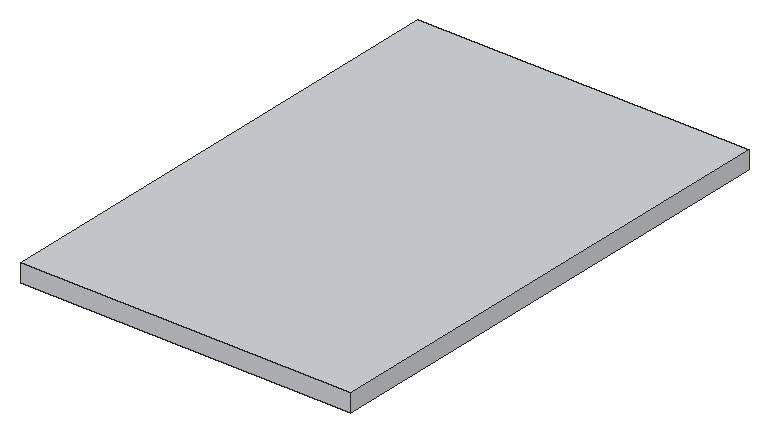
Revit family "MAXI400xRTxx", category Leuchten, Revit 2020
Family settings
  Basisbauteil = Fläche
  Bemaßung runder Anschluss = Durchmesser verwenden
  Teiletyp = Normal
  OmniClass-Nummer = 23.80.70.11
  OmniClass-Titel = Luminaries for Internal Lighting
  Beim Laden mit Abzugskörper schneiden = Nein
  Lichtquelle = Ja
  Gemeinsam genutzt = Nein
  Raumberechnungspunkt = Nein
Parameters (values of type "MAXI400DART830LSR0250")
  width = 400 mm  # constant formula
  weight = "2.2 kg"  # constant formula
  voltage type (AC, DC, UC) = "AC"
  rated input power = 29
  product name = "MAXI400DART830LSR0250"
  nominal voltage = "230"
  nominal frequency = "50-60Hz"
  length = 400 mm  # constant formula
  ingress protection (IP) code = "IP20"
  height = 114 mm  # constant formula
  electrical safety class = "1"
  control gear = ""
  conformity mark = "CE"  # constant formula
  brand = "RIDI"
  approval mark = ""
  built-in parameter 1150104 = 13.8 (stored number, unit not read)
  Wattage = 18.5133 W
  Von Kreisdurchmesser aussenden = 394 mm
  Default Elevation = 0 mm
  built-in parameter 1150113 = 1 (stored number, unit not read)
  built-in parameter 1114218 = 1 (stored number, unit not read)
  URL = "www.ridi.de"
  built-in parameter 1150134 = (empty or 0)
  built-in parameter 1150109 = 1 (stored number, unit not read)
  built-in parameter 1150110 = 1 (stored number, unit not read)
  Apparent Load = 29 VA
  Tilt Angle = 90.00°
  Modell = "0637947"
  built-in parameter 1114217 = 1 (stored number, unit not read)
  built-in parameter 1150139 = (empty or 0)
  built-in parameter 1150105 = 218.84 (stored number, unit not read)
  built-in parameter 1150114 = 1 (stored number, unit not read)
  Lumens = 2750 lm
  built-in parameter 1150115 = 1 (stored number, unit not read)
  built-in parameter 1150112 = 1 (stored number, unit not read)
  Lampe = "LED"
  Hersteller = "RIDI Leuchten GmbH"  # constant formula
  Dimming Lamp Color Temperature Shift = (empty or 0)
  Color Filter = 16777215
  built-in parameter 1150133 = 10 (stored number, unit not read)
  Emit Shape Visible in Rendering = no
  built-in parameter 1150137 = (empty or 0)
  built-in parameter 1150132 = 2
  Datei für fotometrisches Netz = "MAXI-LSR_ROT.IES"
  Copyright = "© RIDI. All rights reserved."  # constant formula
  built-in parameter 1150106 = 2.1884 (stored number, unit not read)
  Baugruppenkennzeichen = "D5020200"
  built-in parameter 1150107 = 3000 (stored number, unit not read)
  built-in parameter 1150102 = (empty or 0)
  built-in parameter 1150138 = (empty or 0)
Reference planes
  plane 1 "Mitte (Vorne/hinten)": y = 0
  plane 2: z = 0
  plane 3 "Mitte (Links/rechts)": x = 0
Forms (mm)
  Extrusion 1, solid
    sketch origin (219.2, 280.8, 0) x (1, 0, 0) y (0, 1, 0)
      loop
        line (-1219.2, 1219.2) -> (-1219.2, -1780.8) -> (780.8, -1780.8) -> (780.8, 1219.2) -> (-1219.2, 1219.2)
    from 0 to -107.307
Dimensions and locks
  aligned and locked: plane 2 to Extrusion 1
  aligned and locked: imposter light to plane 3 "Mitte (Links/rechts)"
  aligned and locked: imposter light to import instance
  aligned and locked: import instance to Extrusion 1
Connectors
  electrical at (-56.569, -20.738, 4.25), driven by "Apparent Load"
    settings: on import instance, index 1, voltage 230 V, apparent load 0 VA, apparent load phase1 29 VA, apparent load phase2 0 VA, apparent load phase3 0 VA, power factor 1, load classification "Lighting", number of poles 1, system type 31, power factor state 1, is connector primary yes, connector utility no, sub classification motor no, connector description ""
